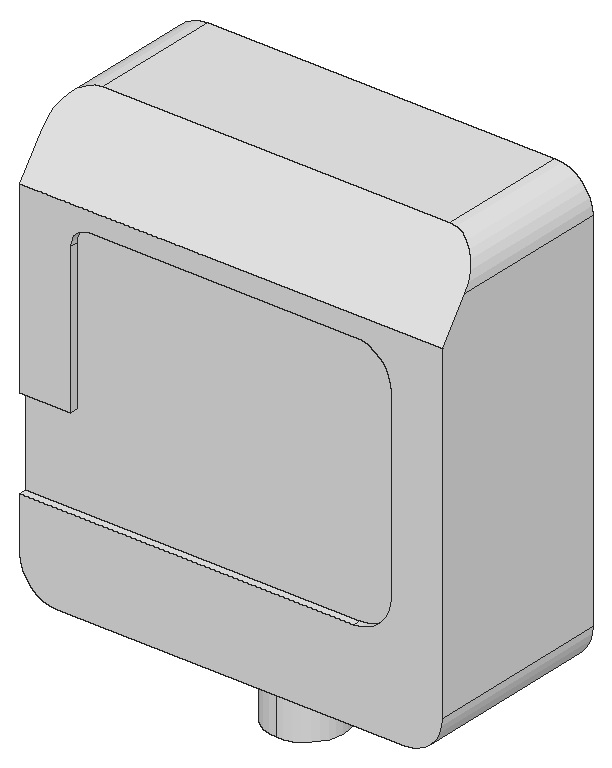
Revit family "Control_Unit-Lutron-Vive_PowPak_Relay_Module_SoftSwitch", category Lighting Devices, host Face, Revit 2017
Family settings
  Host = Face
  Maintain Annotation Orientation = Yes
  Round Connector Dimension = Use Radius
  Part Type = Normal
  OmniClass Number = 23.85.80.11.27
  OmniClass Title = Lighting Controls
  Cut with Voids When Loaded = No
  Shared = No
  Room Calculation Point = No
Parameters (values of type "RMJS-16RCCO1DV-B")
  Warranty URL = "http://www.lutron.com/en-US/Service-Support/Pages/Service/Warranty/Warranty.aspx"
  Voltage = 120 V
  Video Link = "https://www.youtube.com/user/LutronElectronicsInc"
  Version = "2017 - v1.0b"  # constant formula
  URL = "http://www.lutron.com"
  Type Comments = ""
  Support Phone = "(224) 699-9545"  # constant formula
  Support Email = "mailto: support@anguleris.com"
  Series = "QS"
  Product Page URL = "http://www.lutron.com/en-US/Products/Pages/WholeBuildingSystems/Vive/Overview.aspx"
  Product Name = "Vive PowPak Relay Module with Softswitch"
  Product Documentation Link = "http://www.lutron.com/TechnicalDocumentLibrary/369908_ENG.pdf"
  Power = 1 W
  Performance URL = "http://www.lutron.com/en-US/Service-Support/Pages/Technical/PerfomanceSpecs.aspx"
  Overall Width = 0' - 2.82"
  Overall Height = 0' - 3.48"
  Overall Depth = 0' - 1 1/4"
  Number of Poles = 1
  Model = "RMJS-16RCCO1DV-B"
  Minimum Operating Temperature = 32 °F
  Maximum Operating Temperature = 131 °F
  Manufacturer Phone Number = "610-282-3800"  # constant formula
  Manufacturer Fax Number = "610-282-1243"  # constant formula
  Manufacturer Email = "mailto:support@lutron.com"
  Manufacturer Address = "7200 Suter Rd, Coopersburg, PA 18036"  # constant formula
  Manufacturer = "Lutron Electronics Co., Inc"  # constant formula
  Label Secondary Visibility = Label 2 = 1  # yes
  Label Secondary = "COO"
  Label Primary Visibility = Label 2 = 2  # no
  Label 2 = 1
  Label 1 = "16R"
  Keynote = ""
  Instruction Sheet Link = "http://www.lutron.com/TechnicalDocumentLibrary/041647.pdf"
  Front Panel Right Edge = 0' - 0.34"
  Front Panel Left Edge = 0' - 0.34"
  Edge Radius = 0' - 0 1/4"
  Device Material = Plastic - Lutron - White
  Description = "Vive PowPak Relay Module with Softswitch®"
  Default Elevation = 0' - 0"
  Front Panel Cutout Offset = 0' - 0.578"
  Current = 16 A
  Cost Info = "mailto:sales@lutron.com"
  Cost = 0
  Copyright = "© 2019 Lutron Electronics Co., Inc."  # constant formula
  Connection Knob Radius = Connection Knob Diameter / 2  # 0' - 0 1/4"
  Connection Knob Diameter = 0' - 0 1/2"
  Connection Knob = 0' - 0.52"
  Capacity = 16 A
  Bracket Width = 0' - 0 1/4"
  Bracket Thickness = 0' - 0.0313"
  Bracket Offset = 0' - 0 47/256"
  Assembly Code = "D5020200"
Types (4): name | Model | Label Secondary Visibility | Label Primary Visibility | Label 2 | Label 1 | Current
  RMJS-16R-DV-B | "RMJS-16R-DV-B" | no | yes | 2 | "16R" | 16 A
  RMJS-5R-DV-B | "RMJS-5R-DV-B" | no | yes | 2 | "5R" | 5 A
  RMJS-16RCCO1DV-B | "RMJS-16RCCO1DV-B" | yes | no | 1 | "16R" | 16 A
  RMJS-5RCCO1-DV-B | "RMJS-5RCCO1-DV-B" | yes | no | 1 | "5R" | 5 A
Reference planes (in)
  plane 1 "Center (Front/Back)": y = 0
  plane 2: z = 0
  plane 3 "Center (Left/Right)": x = 0
  plane 4: z = -0.52
  plane 5: z = 0
  plane 6: y = -0.625
  plane 7: y = 0.625
  plane 8: y = -0.578
  plane 9: x = 1.41016
  plane 10: x = -1.41016
  plane 11: x = 1.41
  plane 12: x = -1.41
  plane 13: z = -0.51953
  plane 14: z = 0
  plane 15: z = 2.96047
  plane 16: z = 1.76367
  plane 17: z = 1.51367
  plane 18: z = 2.01367
  plane 19: y = 0.4768
  plane 20: y = -0.625
  plane 21: y = -0.57813
  plane 22: y = 0.625
  plane 23: z = 2.64487
  plane 24: z = 2.32927
  plane 25: z = 0.9082
  plane 26: z = 0.60547
  plane 27: z = 0.30273
  plane 28: z = 1.21094
  plane 29: x = -1.07016
  plane 30: x = 1.07016
  plane 31: x = -0.94516
  plane 32: x = 0.82016
  plane 33: z = 2.20427
  plane 34: z = 2.07927
  plane 35: z = 0.85547
  plane 36: y = -0.25
  plane 37: z = 2.46047
  plane 38: z = 3.02297
  plane 39: y = -0.6875
Forms (in)
  Sweep 1, solid, material "Plastic - Lutron - White"
    path origin (0, 0, 0) x (1, 0, 0) y (0, 0, 1)
      loop
        line (0, 0) -> (0, -0.52)
    profile origin (0, 0, -0.26) x (0, -1, 0) y (1, 0, 0)
      loop
        circle (0, 0) r 0.25
  Sweep 2, solid, material "Plastic - Lutron - White"
    path origin (0, 0, 0) x (1, 0, 0) y (0, 1, 0)
      loop
        line (0, 0.625) -> (0, -0.625)
    profile origin (0, 0, 0) x (1, 0, 0) y (0, 0, 1)
      loop
        line (-1.41016, 2.71047) -> (-1.41016, 0.25)
        arc (-1.41016, 0.25) -> (-1.33693, 0.07322) -> (-1.16016, 0) r 0.25
        line (-1.16016, 0) -> (1.16016, 0)
        arc (1.16016, 0) -> (1.33693, 0.07322) -> (1.41016, 0.25) r 0.25
        line (1.41016, 0.25) -> (1.41016, 2.71047)
        arc (1.41016, 2.71047) -> (1.33693, 2.88725) -> (1.16016, 2.96047) r 0.25
        line (1.16016, 2.96047) -> (-1.16016, 2.96047)
        arc (-1.16016, 2.96047) -> (-1.33693, 2.88725) -> (-1.41016, 2.71047) r 0.25
  Sweep 3, void
    path origin (0, 0, 0) x (1, 0, 0) y (0, 1, 0)
      loop
        line (0, -0.578) -> (0, -0.625)
    profile origin (0, -0.6015, 0) x (1, 0, 0) y (0, 0, 1)
      loop
        arc (-0.94516, 2.32927) -> (-1.03354, 2.29266) -> (-1.07016, 2.20427) r 0.125
        line (-1.07016, 2.20427) -> (-1.07016, 1.21094) -> (-1.41016, 1.21094) -> (-1.41016, 0.60547) -> (0.82016, 0.60547)
        arc (0.82016, 0.60547) -> (0.99693, 0.67869) -> (1.07016, 0.85547) r 0.25
        line (1.07016, 0.85547) -> (1.07016, 2.07927)
        arc (1.07016, 2.07927) -> (0.99693, 2.25605) -> (0.82016, 2.32927) r 0.25
        line (0.82016, 2.32927) -> (-0.94516, 2.32927)
  Sweep 4, void
    path origin (0, 0, 0) x (1, 0, 0) y (0, 0, 1)
      loop
        line (-1.41016, 2.96047) -> (1.41016, 2.96047)
    profile origin (0, 0, 2.96047) x (0, 0, 1) y (0, -1, 0)
      loop
        line (-0.5, 0.625) -> (0, 0.25) -> (0.0625, 0.25) -> (0.0625, 0.6875) -> (-0.5, 0.6875) -> (-0.5, 0.625)
Cuts and joins
  Sweep 3, Sweep 4 cuts Sweep 2
Lines and regions (in)
  Masking region 1, detail levels fine
    outline origin (1.41016, -0.625, 48) x (1, 0, 0) y (0, 0, 1)
      loop
        line (-2.82031, -45.03953) -> (-2.82031, -48) -> (0, -48) -> (0, -45.03953) -> (-2.82031, -45.03953)
  Masking region 2, detail levels fine
    outline origin (-1.41, -180, 10.93549) x (0, 0, 1) y (0, -1, 0)
      loop
        line (-7.97502, -180.625) -> (-7.97502, -179.375) -> (-10.93549, -179.375) -> (-10.93549, -180.625) -> (-7.97502, -180.625)
Dimensions and locks (in)
  "Connection Knob": plane 5 to plane 4
  locked: profile plane to Sweep 1 sketch curve at 0
  locked: profile plane to Sweep 1 sketch curve
  equal spacing: plane 7, plane 1 "Center (Front/Back)", plane 6
  locked: plane 6 to plane 7 at 1.25
  "Front Panel Cutout Offset": plane 8 to plane 1 "Center (Front/Back)"
  equal spacing: plane 18, plane 16, plane 17
  equal spacing: plane 11, plane 3 "Center (Left/Right)", plane 12
  equal spacing: plane 9, plane 3 "Center (Left/Right)", plane 10
  "Overall Height": plane 15 to plane 13
  "Overall Depth": plane 20 to plane 22
  "Overall Width": plane 11 to plane 12
  equal spacing: plane 15, plane 23, plane 24, plane 18
  equal spacing: plane 17, plane 28, plane 25, plane 26, plane 27, plane 14
  equal spacing: plane 30, plane 3 "Center (Left/Right)", plane 29
  "Front Panel Left Edge": plane 29 to plane 10
  locked: plane 32 to plane 30 at 0.25
  locked: plane 31 to plane 29 at 0.125
  locked: plane 24 to plane 33 at 0.125
  locked: plane 24 to plane 34 at 0.25
  locked: plane 35 to plane 26 at 0.25
  locked: plane 36 to plane 20 at 0.375
  locked: plane 15 to plane 37 at 0.5
  locked: plane 38 to plane 15 at 0.0625
  locked: plane 20 to plane 39 at 0.0625
  "Connection Knob Radius": radius of Sweep 1 sketch curve
  "Edge Radius": radius of Sweep 2 sketch curve
  aligned and locked: plane 2 to host face
  aligned and locked: level to host face
  aligned and locked: level to plane 5
  aligned and locked: plane 4 to Sweep 1 sketch curve
  aligned and locked: plane 5 to Sweep 1 sketch curve
  aligned and locked: Sweep 1 sketch curve to plane 3 "Center (Left/Right)"
  aligned and locked: plane 7 to Sweep 2 sketch curve
  aligned and locked: plane 6 to Sweep 2 sketch curve
  aligned and locked: Sweep 2 sketch curve to plane 3 "Center (Left/Right)"
  aligned and locked: Sweep 2 sketch curve to Sweep 2 sketch curve  (x3)
  aligned and locked: host face to Sweep 2 sketch curve
  aligned and locked: Sweep 2 to Sweep 3 sketch curve
  aligned and locked: plane 8 to Sweep 3 sketch curve
  aligned and locked: Sweep 3 sketch curve to plane 3 "Center (Left/Right)"
  aligned and locked: plane 14 to level
  aligned and locked: plane 15 to cut or joined group of Sweep 2, Sweep 3, Sweep 4
  aligned and locked: plane 14 to Sweep 1
  aligned and locked: Sweep 1 to plane 13
  aligned and locked: Sweep 4 sketch curve to plane 15
  aligned and locked: plane 9 to Sweep 4 sketch curve
  aligned and locked: plane 10 to Sweep 4 sketch curve
  aligned and locked: plane 22 to cut or joined group of Sweep 2, Sweep 3, Sweep 4
  aligned and locked: plane 31 to Sweep 3 sketch curve
  aligned and locked: plane 33 to Sweep 3 sketch curve
  aligned and locked: plane 32 to Sweep 3 sketch curve  (x2)
  aligned and locked: plane 24 to Sweep 3 sketch curve
  aligned and locked: plane 34 to Sweep 3 sketch curve
  aligned and locked: plane 30 to Sweep 3 sketch curve  (x2)
  aligned and locked: plane 26 to Sweep 3 sketch curve  (x2)
  aligned and locked: plane 35 to Sweep 3 sketch curve
  aligned and locked: Sweep 3 sketch curve to plane 24
  aligned and locked: plane 28 to Sweep 3 sketch curve
  aligned and locked: Sweep 3 sketch curve to plane 29
  aligned and locked: plane 29 to Sweep 3 sketch curve
  aligned and locked: plane 10 to Sweep 3 sketch curve  (x2)
  aligned and locked: Sweep 3 sketch curve to plane 28
  aligned and locked: plane 36 to Sweep 4 sketch curve  (x2)
  aligned and locked: plane 37 to Sweep 4 sketch curve
  aligned and locked: plane 15 to Sweep 4 sketch curve
  aligned and locked: plane 38 to Sweep 4 sketch curve
  aligned and locked: plane 20 to Sweep 4 sketch curve
  aligned and locked: Sweep 4 sketch curve to plane 39
  aligned and locked: Sweep 2 sketch curve to plane 15
  aligned and locked: plane 14 to Sweep 2 sketch curve
  aligned and locked: Sweep 2 sketch curve to plane 10
  aligned and locked: Sweep 2 sketch curve to plane 9
  aligned and locked: plane 1 "Center (Front/Back)" to nested 1
  aligned and locked: plane 3 "Center (Left/Right)" to nested 1
  aligned and locked: Masking region 1 sketch curve to plane 9
  aligned and locked: Masking region 1 sketch curve to plane 14
  aligned and locked: Masking region 1 sketch curve to plane 15
  aligned and locked: plane 10 to Masking region 1 sketch curve
  aligned and locked: Masking region 2 sketch curve to plane 20
  aligned and locked: plane 22 to Masking region 2 sketch curve
  aligned and locked: plane 2 to Masking region 2 sketch curve
  aligned and locked: Masking region 2 sketch curve to plane 15
  aligned and locked: plane 3 "Center (Left/Right)" to nested 2
  aligned and locked: plane 1 "Center (Front/Back)" to nested 2
Automatic sketch dimensions
  host sketch curve to host sketch curve = 8' - 0"  (x2)
  level to Sweep 2 sketch curve = 0' - 0 1/4"  (x2)
  Sweep 2 sketch curve to profile plane = 0' - 1 41/256"
Nested families (in)
  nested 1: "Lutron_Vive_PowPak_Sensor_Fixture-Annotation" at (0, 0, 0), visible <- "Label Secondary Visibility", type "Lutron_Lighting_Relay_Annotation", detail levels coarse+medium
  nested 2: "Lutron_Lighting_Relay_2_Way_Radio_Annotation" at (0, 0, 0), visible <- "Label Primary Visibility", type "Lutron_Lighting_Relay_Annotation", detail levels coarse+medium
Connectors (in)
  electrical at (0, 0.625, 1.48023), driven by "Voltage"
    settings: on cut or joined group of Sweep 2, Sweep 3, Sweep 4, index 1, voltage 120 V, apparent load 0 VA, apparent load phase1 0 VA, apparent load phase2 0 VA, apparent load phase3 0 VA, power factor 1, load classification "Lighting", number of poles 1, system type 30, power factor state 1, is connector primary yes, connector utility no, sub classification motor no, connector description ""
  electrical at (0, 0, 0)
    settings: on Sweep 1, index 2, voltage 0 V, apparent load 0 VA, apparent load phase1 0 VA, apparent load phase2 0 VA, apparent load phase3 0 VA, power factor 1, load classification "Other", number of poles 1, system type 13, power factor state 1, is connector primary no, connector utility no, sub classification motor no, connector description "Lighting Control Connection"
Definition of nested family "Lutron_Vive_PowPak_Sensor_Fixture-Annotation"
  Parameters (values of type "Lutron_Lighting_CCO_Annotation")
    Secondary Label = "CCO"
    Primary Label = "16R"
  Reference planes (in)
    plane 1: y = 0
    plane 2: x = 0
  Lines and regions (in)
    Filled region 1, type "Filled region 1"
      outline origin (0.03, -0.0437, 0) x (0.707107, -0.707107, 0) y (0.707107, 0.707107, 0)
        loop
          line (0.04949, 0.28359) -> (0.0812, 0.28359) -> (0.06379, 0.32092) -> (0.04949, 0.28359)
    Filled region 2, type "Filled region 1"
      outline origin (0.48637, 0.14593, 0) x (-0.707107, 0.707107, 0) y (-0.707107, -0.707107, 0)
        loop
          line (0.04949, 0.28359) -> (0.0812, 0.28359) -> (0.06379, 0.32092) -> (0.04949, 0.28359)
    detail lines, not visible
      curve 1: line (0, 0.125, 0) -> (0, 0, 0)
    reference lines
      curve 2: line (0, 0.0625, 0) -> (-0.11983, 0.0625, 0)
      curve 3: line (0.10095, -0.04722, 0) -> (0.10095, 0.09386, 0)
      curve 4: line (0.10095, -0.04722, 0) -> (0.28349, -0.04722, 0)
      curve 5: line (0.10095, 0.04579, 0) -> (0.31014, 0.04579, 0)
      curve 24: line (-0.03617, 0.14597, 0) -> (-0.03617, -0.14859, 0)
    detail lines
      curve 6: line (0.19129, 0.00919, 0) -> (0.16847, 0.0153, 0)
      curve 7: line (0.18064, 0.04891, 0) -> (0.19129, 0.00919, 0)
      curve 8: line (0.18064, 0.04891, 0) -> (0.2274, 0.03638, 0)
      curve 9: line (0.21487, 0.08314, 0) -> (0.2274, 0.03638, 0)
      curve 10: line (0.21487, 0.08314, 0) -> (0.26163, 0.07061, 0)
      curve 11: line (0.2516, 0.10807, 0) -> (0.26163, 0.07061, 0)
      curve 12: line (0.27441, 0.10195, 0) -> (0.2516, 0.10807, 0)
      curve 13: line (0.32509, 0.09304, 0) -> (0.3479, 0.08693, 0)
      curve 14: line (0.33573, 0.05332, 0) -> (0.32509, 0.09304, 0)
      curve 15: line (0.33573, 0.05332, 0) -> (0.28897, 0.06585, 0)
      curve 16: line (0.3015, 0.01909, 0) -> (0.28897, 0.06585, 0)
      curve 17: line (0.3015, 0.01909, 0) -> (0.25474, 0.03162, 0)
      curve 18: line (0.26478, -0.00584, 0) -> (0.25474, 0.03162, 0)
      curve 19: line (0.24196, 0.00027, 0) -> (0.26478, -0.00584, 0)
      curve 20: line (-0.15637, 0.14597, 0) -> (0.15896, 0.14597, 0)
      curve 21: line (-0.15637, -0.14859, 0) -> (-0.15637, 0.14597, 0)
      curve 22: line (0.15896, -0.14859, 0) -> (-0.15637, -0.14859, 0)
      curve 23: line (0.15896, 0.14597, 0) -> (0.15896, -0.14859, 0)
  Text (in)
    label "16R" at (0.00317, 0.06509, 0), shows "Primary Label"
    label "CCO" at (-0.00093, -0.08085, 0), shows "Secondary Label"
  Dimensions and locks (in)
    locked: curve 4 to curve 5 at 0.09301
    locked: curve 1 to curve 3 at 0.10095
    curve 1 to curve 1 = 0' - 0 1/8"
    locked: plane 1 to curve 2 at 0.0625
    aligned and locked: curve 1 to curve 2
    aligned and locked: plane 1 to curve 1
    aligned and locked: curve 1 to plane 2
    aligned and locked: plane 2 to curve 1
Definition of nested family "Lutron_Lighting_Relay_2_Way_Radio_Annotation"
  Parameters (values of type "Lutron_Lighting_Relay_Annotation")
    Label = "16R"
  Reference planes (in)
    plane 1: y = 0
    plane 2: x = 0
  Lines and regions (in)
    Filled region 1, type "Filled region 1"
      outline origin (0.02883, -0.02731, 0) x (0.707107, -0.707107, 0) y (0.707107, 0.707107, 0)
        loop
          line (0.04949, 0.28359) -> (0.0812, 0.28359) -> (0.06379, 0.32092) -> (0.04949, 0.28359)
    Filled region 2, type "Filled region 1"
      outline origin (0.4852, 0.16232, 0) x (-0.707107, 0.707107, 0) y (-0.707107, -0.707107, 0)
        loop
          line (0.04949, 0.28359) -> (0.0812, 0.28359) -> (0.06379, 0.32092) -> (0.04949, 0.28359)
    detail lines, not visible
      curve 1: line (0, 0.125, 0) -> (0, 0, 0)
    reference lines
      curve 2: line (0, 0.0625, 0) -> (-0.11983, 0.0625, 0)
      curve 3: line (0.10095, -0.04722, 0) -> (0.10095, 0.09386, 0)
      curve 4: line (0.10095, -0.04722, 0) -> (0.28349, -0.04722, 0)
      curve 5: line (0.10095, 0.04579, 0) -> (0.31014, 0.04579, 0)
    detail lines
      curve 6: line (0.19012, 0.02558, 0) -> (0.1673, 0.03169, 0)
      curve 7: line (0.17947, 0.0653, 0) -> (0.19012, 0.02558, 0)
      curve 8: line (0.17947, 0.0653, 0) -> (0.22623, 0.05277, 0)
      curve 9: line (0.2137, 0.09953, 0) -> (0.22623, 0.05277, 0)
      curve 10: line (0.2137, 0.09953, 0) -> (0.26046, 0.087, 0)
      curve 11: line (0.25043, 0.12446, 0) -> (0.26046, 0.087, 0)
      curve 12: line (0.27324, 0.11834, 0) -> (0.25043, 0.12446, 0)
      curve 13: line (0.32392, 0.10943, 0) -> (0.34673, 0.10332, 0)
      curve 14: line (0.33456, 0.06971, 0) -> (0.32392, 0.10943, 0)
      curve 15: line (0.33456, 0.06971, 0) -> (0.2878, 0.08224, 0)
      curve 16: line (0.30033, 0.03548, 0) -> (0.2878, 0.08224, 0)
      curve 17: line (0.30033, 0.03548, 0) -> (0.25357, 0.04801, 0)
      curve 18: line (0.26361, 0.01055, 0) -> (0.25357, 0.04801, 0)
      curve 19: line (0.24079, 0.01667, 0) -> (0.26361, 0.01055, 0)
      curve 20: line (-0.15637, 0.15183, 0) -> (0.15896, 0.15183, 0)
      curve 21: line (-0.15637, -0.14274, 0) -> (-0.15637, 0.15183, 0)
      curve 22: line (0.15896, -0.14274, 0) -> (-0.15637, -0.14274, 0)
      curve 23: line (0.15896, 0.15183, 0) -> (0.15896, -0.14274, 0)
  Text (in)
    label "16R" at (0.00317, -0.00983, 0), shows "Label"
  Dimensions and locks (in)
    locked: curve 4 to curve 5 at 0.09301
    locked: curve 1 to curve 3 at 0.10095
    curve 1 to curve 1 = 0' - 0 1/8"
    locked: plane 1 to curve 2 at 0.0625
    aligned and locked: curve 1 to curve 2
    aligned and locked: plane 1 to curve 1
    aligned and locked: curve 1 to plane 2
    aligned and locked: plane 2 to curve 1
